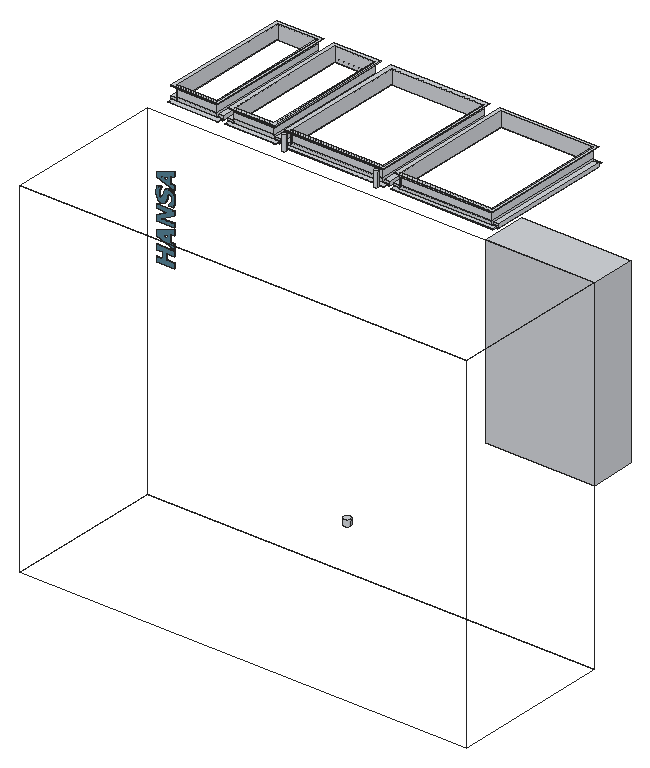
Revit family "KL-P-023-L", category HLS-Bauteile, Revit 2020
Family settings
  Bemaßung runder Anschluss = Durchmesser verwenden
  Klassifizierung = Keine
  Teiletyp = Normal
  Arbeitsebenenbasiert = Nein
  Immer vertikal = Ja
  Beim Laden mit Abzugskörper schneiden = Nein
  Gemeinsam genutzt = Nein
  Raumberechnungspunkt = Nein
Parameters
  Zuluftbreite [instance] = 505 mm  # constant formula
  Vorgabe-Ansicht = 0 mm
  TyS [instance] = size_lookup("TyS_Hansa_KL_P", "", "ND", RLT_Serie, Gehaeuserichtung, Gehaeuseausfuehrung, RLT_MSR_KZ)  # "KL-P-023-L-eCS"
  Schaltschrankbreite [instance] = 600 mm
  Schaltschrank_montiert [instance] = yes
  SSaG [instance] = and(or(Regelung SAIA, Regelung OJ), Schaltschrank_montiert)  # yes
  Regelung SAIA [instance] = yes
  Regelung OJ [instance] = no
  RLT_Volumenstrom_max = 2300 m³/h  # constant formula
  RLT_Volumenstrom_Unit_2 [instance] = 2300 m³/h
  RLT_Volumenstrom_Unit_1 [instance] = 2300 m³/h
  RLT_Typenschlüssel [instance] = TyS  # "KL-P-023-L-eCS"
  RLT_Serie = "KL-P-023"  # constant formula
  RLT_Material_außen [instance] = Stahlblech verzinkt + RAL 9002
  RLT_MSR_KZ [instance] = if(Regelung SAIA, "eCS", if(Regelung OJ, "eCO", "-"))  # "eCS"
  RLT_Länge [instance] = L  # 1860 mm
  RLT_Höhe = H  # 1790 mm
  RLT_Gewicht [instance] = size_lookup("TD_Hansa_KL_P", "Gewicht", 0 mm, TyS) / 1 mm * 1.00 kg  # 666.00 kg
  RLT_Breite = B  # 880 mm
  Modell = "KL-P-023-L"  # constant formula
  L2 = 1230 mm  # constant formula
  L1 = 630 mm  # constant formula
  L = L1 + L2  # 1860 mm
  Kanaltiefe [instance] = RLT_Breite - 190 mm  # 690 mm
  Hersteller = "Hansa"  # constant formula
  H = 1790 mm  # constant formula
  GeräteOK [instance] = H + Fuß  # 1910 mm
  Gehaeuserichtung [instance] = "L"  # constant formula
  Gehaeuseausfuehrung [instance] = "ungeteilt"  # constant formula
  GD_Spannung [instance] = 230 V
  GD_Phasen [instance] = 1
  GD_Nennstrom [instance] = 0 A
  GD_Anschlussleistung [instance] = 0 W
  Fuß [instance] = 120 mm  # constant formula
  Fortluftbreite = 220 mm  # constant formula
  Bedienzone [instance] = yes
  Baugruppe [instance] = "RLT-Gerät"  # constant formula
  BZl [instance] = if(and(or(Regelung SAIA, Regelung OJ), Schaltschrank_montiert), L + Schaltschrankbreite, L)  # 2460 mm
  B = 880 mm  # constant formula
  Außenluftbreite = 220 mm  # constant formula
  Abluftbreite [instance] = 505 mm  # constant formula
Reference planes
  plane 1 "Mitte (Vorne/hinten)": y = 0
  plane 2: z = 0
  plane 3 "Mitte (Links/rechts)": x = 0
  plane 4: x = -930
  plane 5: x = 930
  plane 6 "GV": y = -440
  plane 7 "GH": y = 440
  plane 8 "OKG": z = 1910
  plane 9: y = 377.5
  plane 10: y = -312.5
  plane 11: x = -867.5
  plane 12: x = 867.5
  plane 13: x = -647.5
  plane 14: x = -552.5
  plane 15: x = -332.5
  plane 16: x = 362.5
  plane 17: x = 267.5
  plane 18: x = -237.5
  plane 19: z = 1990
  plane 20 "UKG": z = 120
  plane 21: y = -190
  plane 22: y = -230
  plane 23: z = 90
  plane 24: y = -364
  plane 25: x = -300
  plane 26: y = -1320
  plane 27: x = 1530
Forms (mm)
  Extrusion 1, solid, visible <- "SSaG"
    sketch origin (-61.559, 0, -70) x (1, 0, 0) y (0, 0, 1)
      loop
        line (991.559, 1980) -> (991.559, 980) -> (1591.559, 980) -> (1591.559, 1980) -> (991.559, 1980)
    from 440 to 190
  Extrusion 2, solid
    sketch origin (0, 0, 0) x (1, 0, 0) y (0, 1, 0)
      loop
        circle (0, -230) r 20
    from 120 to 90
  Extrusion 3, solid
    sketch origin (0, 0, 0) x (1, 0, 0) y (0, 1, 0)
      loop
        circle (-237.5, -364) r 10
      loop
        circle (267.5, -364) r 10
    from 1990 to 1910
  Extrusion 4, solid, material "Glas - klar", visible <- "Bedienzone"
    sketch origin (0, 0, 0) x (1, 0, 0) y (0, 1, 0)
      loop
        line (-930, -440) -> (-930, -1320) -> (1530, -1320) -> (1530, -440) -> (-930, -440)
    from 1910 to 0
Dimensions and locks
  equal spacing: plane 4, plane 3 "Mitte (Links/rechts)", plane 5
  "L": plane 4 to plane 5
  "B": plane 7 "GH" to plane 6 "GV"
  locked: plane 7 "GH" to plane 9 at 62.5
  locked: plane 4 to plane 11 at 62.5
  locked: plane 12 to plane 5 at 62.5
  "Fortluftbreite": plane 11 to plane 13
  locked: plane 13 to plane 14 at 95
  "Außenluftbreite": plane 14 to plane 15
  "Abluftbreite": plane 16 to plane 12
  locked: plane 17 to plane 16 at 95
  "Zuluftbreite": plane 18 to plane 17
  plane 15 to plane 18 = 95 mm
  locked: nested 3 to plane 16 at 95
  "Fuß": plane 20 "UKG" to level
  plane 19 to plane 8 "OKG" = 80 mm
  locked: plane 4 to nested 1 at 62.5
  locked: plane 13 to nested 2 at 95
  locked: nested 4 to plane 5 at 62.5
  Extrusion 1 to plane 5 = 600 mm
  "RLT_Höhe": plane 8 "OKG" to plane 20 "UKG"
  equal spacing: plane 7 "GH", plane 1 "Mitte (Vorne/hinten)", plane 6 "GV"
  locked: plane 6 "GV" to plane 21 at 250
  locked: plane 6 "GV" to plane 22 at 210
  plane 20 "UKG" to plane 23 = 30 mm
  locked: plane 24 to plane 6 "GV" at 76
  "L1": plane 4 to plane 25
  "B": plane 26 to plane 6 "GV"
  "BZl": Extrusion 4 to Extrusion 4
  "Schaltschrankbreite": plane 5 to plane 27
  aligned and locked: level to plane 2
  aligned and locked: Extrusion 1 to plane 5
  aligned and locked: Extrusion 1 to plane 8 "OKG"
  aligned and locked: plane 6 "GV" to Extrusion 1
  aligned and locked: plane 21 to Extrusion 1
  aligned and locked: plane 20 "UKG" to Extrusion 2
  aligned and locked: Extrusion 2 to plane 23
  aligned and locked: Extrusion 3 to plane 8 "OKG"
  aligned and locked: plane 19 to Extrusion 3
  aligned and locked: plane 4 to Extrusion 4
  aligned and locked: Extrusion 4 to plane 6 "GV"
  aligned and locked: Extrusion 4 to plane 26
  aligned and locked: plane 8 "OKG" to Extrusion 4
  aligned and locked: plane 27 to Extrusion 1
  aligned and locked: plane 7 "GH" to nested 6
  aligned and locked: plane 4 to nested 6
Automatic sketch dimensions
  Extrusion 1 sketch curve to plane 5 = 0 mm
  Extrusion 1 sketch curve to plane 8 "OKG" = 0 mm
  plane 5 to Extrusion 1 sketch curve = 600 mm
  plane 20 "UKG" to Extrusion 1 sketch curve = 790 mm
  Extrusion 2 sketch curve to plane 3 "Mitte (Links/rechts)" = 0 mm
  Extrusion 2 sketch curve to plane 22 = 0 mm
  Extrusion 3 sketch curve to plane 18 = 0 mm
  Extrusion 3 sketch curve to plane 17 = 0 mm
  Extrusion 3 sketch curve to plane 24 = 0 mm  (x2)
  Extrusion 4 sketch curve to plane 4 = 0 mm
  plane 5 to Extrusion 4 sketch curve = 600 mm
  Extrusion 4 sketch curve to plane 26 = 0 mm
  plane 6 "GV" to Extrusion 4 sketch curve = 0 mm
  radius of Extrusion 2 sketch curve = 20 mm
  radius of Extrusion 3 sketch curve = 10 mm  (x2)
Nested families
  nested 1: "Kanalstutzen" at (-757.5, 29.209, 1910) x (1, 0, 0) z (0, -1, 0), 2570_EST_Breite <- "Fortluftbreite", 2571_EST_Höhe <- "Kanaltiefe", built-in parameter 1001360 <- "GeräteOK", type "Kanalstutzen"
    with Tiefe 80 mm, RahmenG2 20 mm, RahmenG1 30 mm, Höhe 690 mm, Breite 220 mm, 2572_EST_Tiefe 80 mm, 2571_EST_Höhe 690 mm, 2570_EST_Breite 220 mm, 1966_EST_Rahmentyp ""
  nested 2: "Kanalstutzen" at (-442.5, 29.209, 1910) x (1, 0, 0) z (0, -1, 0), 2570_EST_Breite <- "Außenluftbreite", 2571_EST_Höhe <- "Kanaltiefe", built-in parameter 1001360 <- "GeräteOK", type "Kanalstutzen"
    with Tiefe 80 mm, RahmenG2 20 mm, RahmenG1 30 mm, Höhe 690 mm, Breite 220 mm, 2572_EST_Tiefe 80 mm, 2571_EST_Höhe 690 mm, 2570_EST_Breite 220 mm, 1966_EST_Rahmentyp ""
  nested 3: "Kanalstutzen" at (15, 29.209, 1910) x (1, 0, 0) z (0, -1, 0), 2570_EST_Breite <- "Zuluftbreite", 2571_EST_Höhe <- "Kanaltiefe", built-in parameter 1001360 <- "GeräteOK", type "Kanalstutzen"
    with Tiefe 80 mm, RahmenG2 20 mm, RahmenG1 30 mm, Höhe 690 mm, Breite 505 mm, 2572_EST_Tiefe 80 mm, 2571_EST_Höhe 690 mm, 2570_EST_Breite 505 mm, 1966_EST_Rahmentyp ""
  nested 4: "Kanalstutzen" at (615, 29.209, 1910) x (1, 0, 0) z (0, -1, 0), 2570_EST_Breite <- "Abluftbreite", 2571_EST_Höhe <- "Kanaltiefe", built-in parameter 1001360 <- "GeräteOK", type "Kanalstutzen"
    with Tiefe 80 mm, RahmenG2 20 mm, RahmenG1 30 mm, Höhe 690 mm, Breite 505 mm, 2572_EST_Tiefe 80 mm, 2571_EST_Höhe 690 mm, 2570_EST_Breite 505 mm, 1966_EST_Rahmentyp ""
  nested 5: "Hansa_Aufkleber_klein" at (-780, -440, 1390) x (0, 0, 1) z (0, -1, 0), type "Hansa_Aufkleber_klein"
  nested 6: "P-023-L_ipt" at (0, 0, 0), type "Norm"
Connectors
  hvac at (-757.5, 29.209, 1989), driven by "RLT_Volumenstrom_Unit_2", driven by "Fortluftbreite", driven by "Kanaltiefe"
    settings: on nested 1, index 1, duct flow 2300 m³/h, flow factor 0, pres drop 0.0 Pa, loss coef 0, conn angle 0.00°, conn width 220 mm, conn height 690 mm, conn diameter 609.6 mm, duct sys type 3, conn prof type 1, flow config 1, flow direction 2, loss method 0, conn ref index -1, conn util no, is conn primary yes, conn desc ""
  hvac at (-442.5, 29.209, 1989), driven by "RLT_Volumenstrom_Unit_1", driven by "Außenluftbreite", driven by "Kanaltiefe"
    settings: on nested 2, index 2, duct flow 2300 m³/h, flow factor 0, pres drop 0.0 Pa, loss coef 0, conn angle 0.00°, conn width 220 mm, conn height 690 mm, conn diameter 609.6 mm, duct sys type 1, conn prof type 1, flow config 1, flow direction 1, loss method 0, conn ref index -1, conn util no, is conn primary no, conn desc ""
  hvac at (15, 29.209, 1989), driven by "RLT_Volumenstrom_Unit_1", driven by "Zuluftbreite", driven by "Kanaltiefe"
    settings: on nested 3, index 3, duct flow 2300 m³/h, flow factor 0, pres drop 0.0 Pa, loss coef 0, conn angle 0.00°, conn width 505 mm, conn height 690 mm, conn diameter 609.6 mm, duct sys type 1, conn prof type 1, flow config 0, flow direction 2, loss method 0, conn ref index -1, conn util no, is conn primary no, conn desc ""
  hvac at (615, 29.209, 1989), driven by "RLT_Volumenstrom_Unit_2", driven by "Abluftbreite", driven by "Kanaltiefe"
    settings: on nested 4, index 4, duct flow 2300 m³/h, flow factor 0, pres drop 0.0 Pa, loss coef 0, conn angle 0.00°, conn width 505 mm, conn height 690 mm, conn diameter 609.6 mm, duct sys type 2, conn prof type 1, flow config 0, flow direction 1, loss method 0, conn ref index -1, conn util no, is conn primary no, conn desc ""
  piping at (0, -230, 90), diameter 40
    settings: on Extrusion 2, index 5, connector inside diameter 609.6 mm, connector length 0 mm, flow factor 0, pipe flow 0.0 L/s, pressure drop 0.0 Pa, fitting loss kfactor 0, connector angle 0.00°, fixture units 0, engagement length 0 mm, angle of deflection 0.00°, flow configuration 0, flow direction 2, fitting loss method 0, system type 16, joint type 0, gender type 0, connector reference index -1, connector utility 0, adjustable connector no, is connector primary yes, connector description ""
  piping at (-237.5, -364, 1990), diameter 20
    settings: on Extrusion 3, index 6, connector inside diameter 609.6 mm, connector length 0 mm, flow factor 0, pipe flow 0.0 L/s, pressure drop 0.0 Pa, fitting loss kfactor 0, connector angle 0.00°, fixture units 0, engagement length 0 mm, angle of deflection 0.00°, flow configuration 0, flow direction 1, fitting loss method 0, system type 7, joint type 0, gender type 0, connector reference index -1, connector utility 0, adjustable connector no, is connector primary no, connector description ""
  piping at (267.5, -364, 1990), diameter 20
    settings: on Extrusion 3, index 7, connector inside diameter 609.6 mm, connector length 0 mm, flow factor 0, pipe flow 0.0 L/s, pressure drop 0.0 Pa, fitting loss kfactor 0, connector angle 0.00°, fixture units 0, engagement length 0 mm, angle of deflection 0.00°, flow configuration 0, flow direction 2, fitting loss method 0, system type 19, joint type 0, gender type 0, connector reference index -1, connector utility 0, adjustable connector no, is connector primary no, connector description ""
Definition of nested family "Kanalstutzen"
  Parameters (values of type "Kanalstutzen")
    Default Elevation = 0 mm
    Tiefe [instance] = [2572_EST_Tiefe]  # 80 mm
    RahmenG2 [instance] = 20 mm
    RahmenG1 [instance] = 30 mm
    Höhe [instance] = [2571_EST_Höhe]  # 500 mm
    Manufacturer = "Hansa"
    Breite [instance] = [2570_EST_Breite]  # 1000 mm
    Description = "Durchbruchsverkleidung"
    2572_EST_Tiefe [instance] = 80 mm
    2571_EST_Höhe [instance] = 500 mm
    2570_EST_Breite [instance] = 1000 mm
    1966_EST_Rahmentyp [instance] = ""
  Reference planes
    plane 1 "Mitte (Vorne/hinten)": y = 0
    plane 2: z = 0
    plane 3 "Mitte (Links/rechts)": x = 0
    plane 4: x = -500
    plane 5: x = 500
    plane 6 "hinten": y = 80
    plane 7: z = 250
    plane 8: z = -250
    plane 9 "R1links": x = -530
    plane 10 "R1rechts": x = 530
    plane 11 "R2links": x = -520
    plane 12 "R2rechts": x = 520
    plane 13 "R1oben": z = 280
    plane 14 "R1unten": z = -280
    plane 15: z = -270
    plane 16: z = 270
  Forms (mm)
    Sweep 1, solid
      path origin (0, 0, 0) x (1, 0, 0) y (0, 0, 1)
        loop
          line (-500, 250) -> (-500, -250) -> (500, -250) -> (500, 250) -> (-500, 250)
      profile origin (0, 0, 250) x (0, 0, 1) y (0, -1, 0)
        loop
          line (0, -40) -> (0, -80) -> (20, -80) -> (20, -79) -> (1.999, -79) -> (1.999, -59) -> (0.962, -59) -> (0.962, -21.406) -> (1.999, -21.406) -> (1.999, -1.406) -> (30, -1.406) -> (30, 0) -> (0, 0) -> (0, -40)
  Dimensions and locks
    equal spacing: plane 4, plane 3 "Mitte (Links/rechts)", plane 5
    "Breite": plane 4 to plane 5
    equal spacing: plane 7, level, plane 8
    "Höhe": plane 7 to plane 8
    "RahmenG1": plane 9 "R1links" to plane 4
    "RahmenG1": plane 5 to plane 10 "R1rechts"
    "RahmenG2": plane 11 "R2links" to plane 4
    "RahmenG2": plane 5 to plane 12 "R2rechts"
    "RahmenG1": plane 13 "R1oben" to plane 7
    "RahmenG1": plane 8 to plane 14 "R1unten"
    "RahmenG2": plane 16 to plane 7
    "RahmenG2": plane 8 to plane 15
    Sweep 1 sketch curve to Sweep 1 sketch curve = 1.406 mm
    Sweep 1 sketch curve to Sweep 1 sketch curve = 1 mm
    Sweep 1 sketch curve to Sweep 1 sketch curve = 0.962 mm
    "2572_EST_Tiefe": plane 6 "hinten" to plane 1 "Mitte (Vorne/hinten)"
    aligned and locked: level to plane 2
    aligned and locked: plane 16 to Sweep 1 sketch curve
    aligned and locked: plane 13 "R1oben" to Sweep 1 sketch curve
    aligned and locked: plane 1 "Mitte (Vorne/hinten)" to Sweep 1
    aligned and locked: plane 1 "Mitte (Vorne/hinten)" to nested 1
    aligned and locked: nested 1 to plane 10 "R1rechts"
    aligned and locked: nested 2 to plane 9 "R1links"
    aligned and locked: plane 8 to nested 2
    aligned and locked: nested 1 to plane 8
  Automatic sketch dimensions
    plane 4 to Sweep 1 sketch curve = 0 mm
    plane 5 to Sweep 1 sketch curve = 0 mm
    Sweep 1 sketch curve to plane 8 = 0 mm
    Sweep 1 sketch curve to plane 7 = 0 mm
    Sweep 1 sketch curve to plane 1 "Mitte (Vorne/hinten)" = 0 mm
    profile plane to Sweep 1 sketch curve = 0 mm
    Sweep 1 sketch curve to profile plane = 1.999 mm  (x2)
    Sweep 1 sketch curve to Sweep 1 sketch curve = 20 mm  (x2)
    Sweep 1 sketch curve to Sweep 1 sketch curve = 18.594 mm
    Sweep 1 sketch curve to Sweep 1 sketch curve = 19 mm
  Nested families
    nested 1: "EGJK30" at (520, 0, -250), L <- "Höhe", type "EGJK30"
      with L 500 mm
    nested 2: "EGJK30" at (-520, 0, -250) x (-1, 0, 0) z (0, 0, 1), L <- "Höhe", type "EGJK30"
      with L 500 mm
  Definition of nested family "EGJK30"
    Parameters (values of type "EGJK30")
      Default Elevation = 0 mm
      L [instance] = 1000 mm
    Reference planes
      plane 1 "Mitte (Vorne/hinten)": y = 0
      plane 2: z = 0
      plane 3 "Mitte (Links/rechts)": x = 0
    Forms (mm)
      Extrusion 1, solid
        sketch origin (16.67, -35.46, 0) x (1, 0, 0) y (0, 1, 0)
          loop
            line (-26.67, 25.46) -> (-6.67, 25.46) -> (-6.67, 30.46) -> (-1.67, 30.46) -> (-1.67, 50.46) -> (-34.67, 50.46) -> (-34.67, 38.46) -> (-5.67, 38.46) -> (-5.67, 35.46) -> (-25.67, 35.46) -> (-25.67, 36.96) -> (-34.67, 36.96) -> (-34.67, 33.96) -> (-26.67, 25.46)
        from 0 to 1000
    Dimensions and locks
      "L": Extrusion 1 to Extrusion 1
      aligned and locked: level to plane 2
    Automatic sketch dimensions
      plane 1 "Mitte (Vorne/hinten)" to Extrusion 1 sketch curve = 0 mm
      Extrusion 1 sketch curve to plane 3 "Mitte (Links/rechts)" = 18 mm
      plane 1 "Mitte (Vorne/hinten)" to Extrusion 1 sketch curve = 1.5 mm
      Extrusion 1 sketch curve to Extrusion 1 sketch curve = 0 mm
      Extrusion 1 sketch curve to plane 3 "Mitte (Links/rechts)" = 10 mm
      Extrusion 1 sketch curve to plane 3 "Mitte (Links/rechts)" = 9 mm
      plane 1 "Mitte (Vorne/hinten)" to Extrusion 1 sketch curve = 5 mm
      plane 3 "Mitte (Links/rechts)" to Extrusion 1 sketch curve = 10 mm
      Extrusion 1 sketch curve to Extrusion 1 sketch curve = 1 mm
      Extrusion 1 sketch curve to Extrusion 1 sketch curve = 5 mm
      plane 1 "Mitte (Vorne/hinten)" to Extrusion 1 sketch curve = 10 mm
      Extrusion 1 sketch curve to plane 1 "Mitte (Vorne/hinten)" = 1.5 mm
      Extrusion 1 sketch curve to Extrusion 1 sketch curve = 1.5 mm
      Extrusion 1 sketch curve to Extrusion 1 sketch curve = 12 mm
Definition of nested family "Hansa_Aufkleber_klein"
  Parameters (values of type "Hansa_Aufkleber_klein")
    Default Elevation = 1219.2 mm
  Reference planes
    plane 1 "Mitte (Vorne/hinten)": y = 0
    plane 2: z = 0
    plane 3 "Mitte (Links/rechts)": x = 0
  Forms (mm)
    Extrusion 1, solid, detail levels medium+fine
      sketch origin (6.994, -10.767, 0) x (1, 0, 0) y (0, 1, 0)
        loop
          line (-226.694, 10.767) -> (-201.573, 10.767) -> (-201.573, 55.095) -> (-167.456, 55.095) -> (-167.456, 10.767) -> (-142.335, 10.767) -> (-142.335, 110.767) -> (-167.456, 110.767) -> (-167.456, 74.138) -> (-201.573, 74.138) -> (-201.573, 110.767) -> (-226.694, 110.767) -> (-226.694, 10.767)
        loop
          line (202.074, 82.404) -> (191.782, 49.341) -> (212.284, 49.341) -> (202.074, 82.404)
        loop
          line (188.703, 110.767) -> (154.91, 10.767) -> (180.032, 10.767) -> (186.353, 31.189) -> (217.795, 31.189) -> (224.035, 10.767) -> (249.886, 10.767) -> (216.093, 110.767) -> (188.703, 110.767)
        loop
          line (34.084, 10.767) -> (58.233, 10.767) -> (58.233, 110.767) -> (35.299, 110.767) -> (35.299, 53.474) -> (3.37, 110.767) -> (-27.424, 110.767) -> (-27.424, 10.767) -> (-4.49, 10.767) -> (-4.49, 80.459) -> (34.084, 10.767)
        loop
          line (-85.203, 82.404) -> (-95.495, 49.341) -> (-74.993, 49.341) -> (-85.203, 82.404)
        loop
          line (-98.575, 110.767) -> (-132.367, 10.767) -> (-107.245, 10.767) -> (-100.925, 31.189) -> (-69.482, 31.189) -> (-63.242, 10.767) -> (-37.391, 10.767) -> (-71.184, 110.767) -> (-98.575, 110.767)
        loop
          line (73.143, 16.683) -> (80.903, 13.695) -> (89.27, 11.213) -> (93.783, 10.238) -> (98.65, 9.542) -> (103.872, 9.124) -> (109.448, 8.984) -> (114.303, 9.126) -> (118.902, 9.552) -> (123.243, 10.261) -> (127.327, 11.253) -> (131.154, 12.53) -> (134.724, 14.09) -> (138.037, 15.933) -> (141.093, 18.061) -> (143.838, 20.421) -> (146.216, 22.963) -> (148.229, 25.688) -> (149.876, 28.595) -> (151.156, 31.685) -> (152.071, 34.957) -> (152.62, 38.411) -> (152.803, 42.048) -> (152.724, 44.578) -> (152.487, 46.981) -> (152.091, 49.257) -> (151.537, 51.407) -> (150.825, 53.431) -> (149.954, 55.328) -> (148.925, 57.098) -> (147.738, 58.741) -> (144.874, 61.745) -> (141.346, 64.434) -> (137.155, 66.81) -> (132.301, 68.871) -> (127.124, 70.542) -> (122.293, 71.829) -> (112.609, 74.057) -> (109.035, 74.977) -> (106.095, 75.952) -> (103.788, 76.982) -> (102.114, 78.069) -> (100.927, 79.287) -> (100.078, 80.713) -> (99.569, 82.346) -> (99.4, 84.187) -> (99.506, 85.453) -> (99.825, 86.659) -> (100.357, 87.803) -> (101.101, 88.887) -> (102.965, 90.731) -> (105.153, 92.048) -> (107.99, 93.142) -> (110.664, 93.83) -> (113.439, 94.195) -> (116.579, 94.317) -> (120.768, 94.112) -> (124.906, 93.496) -> (128.993, 92.471) -> (133.03, 91.035) -> (136.889, 89.3) -> (140.445, 87.378) -> (143.697, 85.268) -> (146.644, 82.971) -> (148.832, 82.971) -> (148.832, 105.824) -> (145.231, 107.285) -> (141.397, 108.589) -> (137.33, 109.737) -> (133.03, 110.727) -> (128.608, 111.524) -> (124.177, 112.094) -> (119.735, 112.436) -> (115.283, 112.55) -> (110.919, 112.414) -> (106.741, 112.006) -> (102.749, 111.325) -> (98.944, 110.372) -> (95.324, 109.147) -> (91.891, 107.65) -> (88.644, 105.88) -> (85.583, 103.839) -> (82.8, 101.578) -> (80.389, 99.151) -> (78.348, 96.559) -> (76.679, 93.8) -> (75.38, 90.876) -> (74.453, 87.786) -> (73.896, 84.53) -> (73.711, 81.108) -> (74.025, 76.136) -> (74.967, 71.596) -> (76.537, 67.486) -> (78.735, 63.806) -> (80.094, 62.119) -> (81.657, 60.522) -> (83.426, 59.014) -> (85.4, 57.597) -> (87.58, 56.269) -> (89.964, 55.031) -> (92.553, 53.884) -> (95.348, 52.826) -> (100.625, 51.195) -> (106.247, 49.868) -> (111.869, 48.642) -> (117.147, 47.315) -> (119.104, 46.707) -> (120.925, 45.937) -> (122.609, 45.006) -> (124.156, 43.912) -> (125.451, 42.645) -> (126.375, 41.197) -> (126.929, 39.566) -> (127.114, 37.753) -> (127, 36.17) -> (126.658, 34.744) -> (126.089, 33.475) -> (125.291, 32.364) -> (123.275, 30.53) -> (120.874, 29.163) -> (118.413, 28.312) -> (115.242, 27.704) -> (112.052, 27.339) -> (109.529, 27.218) -> (105.242, 27.433) -> (100.889, 28.079) -> (96.47, 29.155) -> (91.985, 30.662) -> (87.561, 32.569) -> (83.324, 34.845) -> (79.274, 37.492) -> (75.413, 40.508) -> (73.143, 40.508) -> (73.143, 16.683)
      from 0 to 2
  Dimensions and locks
    aligned and locked: level to plane 2
Definition of nested family "P-023-L_ipt"
  Parameters (values of type "Norm")
    Default Elevation = 0 mm
  Reference planes
    plane 1 "Mitte (Vorne/Hinten)": y = 0
    plane 2: z = 0
    plane 3 "Mitte (Links/Rechts)": x = 0
  Dimensions and locks
    aligned and locked: level to plane 2
